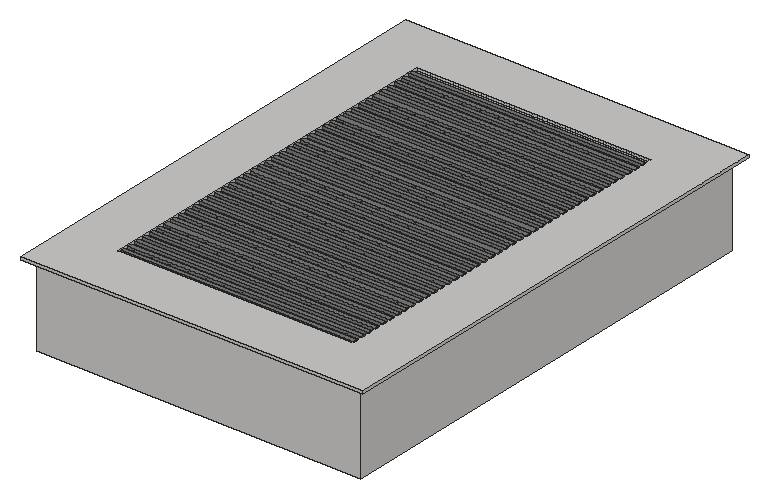
Revit family "VR414610", category Generic Models, Revit 2014
Parameters (values of type "VR414610")
  Width = 380 mm
  URL = "http://www.gaggenau.com."
  Model = "VR414610"
  Manufacturer = "Gaggenau"
  Height = 95 mm
  Grill = Black
  Door Glass = Glass, Green
  Description = "Gaggenau Electric grill, Vario 400 series"
  Depth = 535 mm
Reference planes
  plane 1 "Center (Front/Back)": y = 0
  plane 2: z = 0
  plane 3 "Center (Left/Right)": x = 0
  plane 4: x = -190
  plane 5: x = 190
  plane 6: y = 267.5
  plane 7: y = -267.5
  plane 8: z = 95
  plane 9: z = 92
  plane 10: x = -180
  plane 11: x = 180
  plane 12: y = 257.5
  plane 13: y = -257.5
Forms (mm)
  Extrusion 1, solid, material "Metal Panel"
    sketch origin (0, 0, 0) x (1, 0, 0) y (0, 1, 0)
      loop
        line (-190, 267.5) -> (-190, -267.5) -> (190, -267.5) -> (190, 267.5) -> (-190, 267.5)
      loop
        line (-130, 207.5) -> (-130, -207.5) -> (130, -207.5) -> (130, 207.5) -> (-130, 207.5)
    from 92 to 95
  Extrusion 2, solid, material "Metal Panel"
    sketch origin (0, 0, 0) x (1, 0, 0) y (0, 1, 0)
      loop
        line (-180, 257.5) -> (-180, -257.5) -> (180, -257.5) -> (180, 257.5) -> (-180, 257.5)
      loop
        line (-130, 207.5) -> (-130, -207.5) -> (130, -207.5) -> (130, 207.5) -> (-130, 207.5)
    from 0 to 92
  Extrusion 3, solid, material "Black" <- "Grill"
    sketch origin (0, 0, 0) x (1, 0, 0) y (0, 1, 0)
      loop
        line (-130, 200.278) -> (-130, 195.561) -> (130, 195.561) -> (130, 200.278) -> (-130, 200.278)
      loop
        line (-130, 190.278) -> (-130, 185.561) -> (130, 185.561) -> (130, 190.278) -> (-130, 190.278)
      loop
        line (-130, 180.278) -> (-130, 175.561) -> (130, 175.561) -> (130, 180.278) -> (-130, 180.278)
      loop
        line (-130, 170.278) -> (-130, 165.561) -> (130, 165.561) -> (130, 170.278) -> (-130, 170.278)
      loop
        line (-130, 160.278) -> (-130, 155.561) -> (130, 155.561) -> (130, 160.278) -> (-130, 160.278)
      loop
        line (-130, 150.278) -> (-130, 145.561) -> (130, 145.561) -> (130, 150.278) -> (-130, 150.278)
      loop
        line (-130, 140.278) -> (-130, 135.561) -> (130, 135.561) -> (130, 140.278) -> (-130, 140.278)
      loop
        line (-130, 130.278) -> (-130, 125.561) -> (130, 125.561) -> (130, 130.278) -> (-130, 130.278)
      loop
        line (-130, 120.278) -> (-130, 115.561) -> (130, 115.561) -> (130, 120.278) -> (-130, 120.278)
      loop
        line (-130, 110.278) -> (-130, 105.561) -> (130, 105.561) -> (130, 110.278) -> (-130, 110.278)
      loop
        line (-130, 100.278) -> (-130, 95.561) -> (130, 95.561) -> (130, 100.278) -> (-130, 100.278)
      loop
        line (-130, 90.278) -> (-130, 85.561) -> (130, 85.561) -> (130, 90.278) -> (-130, 90.278)
      loop
        line (-130, 80.278) -> (-130, 75.561) -> (130, 75.561) -> (130, 80.278) -> (-130, 80.278)
      loop
        line (-130, 70.278) -> (-130, 65.561) -> (130, 65.561) -> (130, 70.278) -> (-130, 70.278)
      loop
        line (-130, 60.278) -> (-130, 55.561) -> (130, 55.561) -> (130, 60.278) -> (-130, 60.278)
      loop
        line (-130, 50.278) -> (-130, 45.561) -> (130, 45.561) -> (130, 50.278) -> (-130, 50.278)
      loop
        line (-130, 40.278) -> (-130, 35.561) -> (130, 35.561) -> (130, 40.278) -> (-130, 40.278)
      loop
        line (-130, 30.278) -> (-130, 25.561) -> (130, 25.561) -> (130, 30.278) -> (-130, 30.278)
      loop
        line (-130, 20.278) -> (-130, 15.561) -> (130, 15.561) -> (130, 20.278) -> (-130, 20.278)
      loop
        line (-130, 10.278) -> (-130, 5.561) -> (130, 5.561) -> (130, 10.278) -> (-130, 10.278)
      loop
        line (-130, 0.278) -> (-130, -4.439) -> (130, -4.439) -> (130, 0.278) -> (-130, 0.278)
      loop
        line (-130, -9.722) -> (-130, -14.439) -> (130, -14.439) -> (130, -9.722) -> (-130, -9.722)
      loop
        line (-130, -19.722) -> (-130, -24.439) -> (130, -24.439) -> (130, -19.722) -> (-130, -19.722)
      loop
        line (-130, -29.722) -> (-130, -34.439) -> (130, -34.439) -> (130, -29.722) -> (-130, -29.722)
      loop
        line (-130, -39.722) -> (-130, -44.439) -> (130, -44.439) -> (130, -39.722) -> (-130, -39.722)
      loop
        line (-130, -49.722) -> (-130, -54.439) -> (130, -54.439) -> (130, -49.722) -> (-130, -49.722)
      loop
        line (-130, -59.722) -> (-130, -64.439) -> (130, -64.439) -> (130, -59.722) -> (-130, -59.722)
      loop
        line (-130, -69.722) -> (-130, -74.439) -> (130, -74.439) -> (130, -69.722) -> (-130, -69.722)
      loop
        line (-130, -79.722) -> (-130, -84.439) -> (130, -84.439) -> (130, -79.722) -> (-130, -79.722)
      loop
        line (-130, -89.722) -> (-130, -94.439) -> (130, -94.439) -> (130, -89.722) -> (-130, -89.722)
      loop
        line (-130, -99.722) -> (-130, -104.439) -> (130, -104.439) -> (130, -99.722) -> (-130, -99.722)
      loop
        line (-130, -109.722) -> (-130, -114.439) -> (130, -114.439) -> (130, -109.722) -> (-130, -109.722)
      loop
        line (-130, -119.722) -> (-130, -124.439) -> (130, -124.439) -> (130, -119.722) -> (-130, -119.722)
      loop
        line (-130, -129.722) -> (-130, -134.439) -> (130, -134.439) -> (130, -129.722) -> (-130, -129.722)
      loop
        line (-130, -139.722) -> (-130, -144.439) -> (130, -144.439) -> (130, -139.722) -> (-130, -139.722)
      loop
        line (-130, -149.722) -> (-130, -154.439) -> (130, -154.439) -> (130, -149.722) -> (-130, -149.722)
      loop
        line (-130, -159.722) -> (-130, -164.439) -> (130, -164.439) -> (130, -159.722) -> (-130, -159.722)
      loop
        line (-130, -169.722) -> (-130, -174.439) -> (130, -174.439) -> (130, -169.722) -> (-130, -169.722)
      loop
        line (-130, -179.722) -> (-130, -184.439) -> (130, -184.439) -> (130, -179.722) -> (-130, -179.722)
      loop
        line (-130, -189.722) -> (-130, -194.439) -> (130, -194.439) -> (130, -189.722) -> (-130, -189.722)
      loop
        line (-130, -199.722) -> (-130, -204.439) -> (130, -204.439) -> (130, -199.722) -> (-130, -199.722)
    from 92 to 95
  Extrusion 4, solid, material "Metal Panel"
    sketch origin (0, 0, 0) x (1, 0, 0) y (0, 1, 0)
      loop
        line (-130, 207.5) -> (-130, -207.5) -> (130, -207.5) -> (130, 207.5) -> (-130, 207.5)
    from 0 to 51.831
  Extrusion 5, solid, material "Black" <- "Grill"
    sketch origin (74.439, 70.278, 0) x (0, -1, 0) y (1, 0, 0)
      loop
        line (-130, 52.778) -> (-130, 48.061) -> (277.778, 48.061) -> (277.778, 52.778) -> (-130, 52.778)
      loop
        line (-130, 39.028) -> (-130, 34.311) -> (277.778, 34.311) -> (277.778, 39.028) -> (-130, 39.028)
      loop
        line (-130, 22.778) -> (-130, 18.061) -> (277.778, 18.061) -> (277.778, 22.778) -> (-130, 22.778)
      loop
        line (-130, 2.778) -> (-130, -1.939) -> (277.778, -1.939) -> (277.778, 2.778) -> (-130, 2.778)
      loop
        line (-130, -17.222) -> (-130, -21.939) -> (277.778, -21.939) -> (277.778, -17.222) -> (-130, -17.222)
      loop
        line (-130, -37.222) -> (-130, -41.939) -> (277.778, -41.939) -> (277.778, -37.222) -> (-130, -37.222)
      loop
        line (-130, -57.222) -> (-130, -61.939) -> (277.778, -61.939) -> (277.778, -57.222) -> (-130, -57.222)
      loop
        line (-130, -77.222) -> (-130, -81.939) -> (277.778, -81.939) -> (277.778, -77.222) -> (-130, -77.222)
      loop
        line (-130, -97.222) -> (-130, -101.939) -> (277.778, -101.939) -> (277.778, -97.222) -> (-130, -97.222)
      loop
        line (-130, -117.222) -> (-130, -121.939) -> (277.778, -121.939) -> (277.778, -117.222) -> (-130, -117.222)
      loop
        line (-130, -137.222) -> (-130, -141.939) -> (277.778, -141.939) -> (277.778, -137.222) -> (-130, -137.222)
      loop
        line (-130, -157.222) -> (-130, -161.939) -> (277.778, -161.939) -> (277.778, -157.222) -> (-130, -157.222)
      loop
        line (-130, -177.222) -> (-130, -181.939) -> (277.778, -181.939) -> (277.778, -177.222) -> (-130, -177.222)
      loop
        line (-130, -197.222) -> (-130, -201.939) -> (277.778, -201.939) -> (277.778, -197.222) -> (-130, -197.222)
    from 92 to 87.979
Cuts and joins
  joined: Extrusion 2, Extrusion 4
Dimensions and locks
  equal spacing: plane 4, plane 3 "Center (Left/Right)", plane 5
  equal spacing: plane 6, plane 1 "Center (Front/Back)", plane 7
  "Width": plane 4 to plane 5
  "Depth": plane 6 to plane 7
  "Height": plane 8 to plane 2
  plane 8 to plane 9 = 3 mm
  plane 10 to plane 11 = 360 mm
  plane 12 to plane 13 = 515 mm
  aligned and locked: level to plane 2
Automatic sketch dimensions
  Extrusion 1 sketch curve to plane 4 = 0 mm
  Extrusion 1 sketch curve to plane 5 = 0 mm
  plane 7 to Extrusion 1 sketch curve = 0 mm
  Extrusion 1 sketch curve to plane 6 = 0 mm
  plane 10 to Extrusion 1 sketch curve = 50 mm
  Extrusion 1 sketch curve to plane 11 = 50 mm
  plane 13 to Extrusion 1 sketch curve = 50 mm
  Extrusion 1 sketch curve to plane 12 = 50 mm
  Extrusion 2 sketch curve to plane 10 = 0 mm
  Extrusion 2 sketch curve to plane 11 = 0 mm
  Extrusion 2 sketch curve to plane 13 = 0 mm
  Extrusion 2 sketch curve to plane 12 = 0 mm
  plane 10 to Extrusion 2 sketch curve = 50 mm
  Extrusion 2 sketch curve to plane 11 = 50 mm
  plane 13 to Extrusion 2 sketch curve = 50 mm
  Extrusion 2 sketch curve to plane 12 = 50 mm
  plane 10 to Extrusion 3 sketch curve = 50 mm  (x2)
  Extrusion 3 sketch curve to Extrusion 3 sketch curve = 0 mm  (x79)
  plane 1 "Center (Front/Back)" to Extrusion 3 sketch curve = 4.439 mm
  Extrusion 3 sketch curve to plane 11 = 50 mm
  Extrusion 3 sketch curve to Extrusion 3 sketch curve = 5.282 mm  (x40)
  Extrusion 3 sketch curve to Extrusion 3 sketch curve = 4.718 mm  (x40)
  Extrusion 3 sketch curve to plane 1 "Center (Front/Back)" = 0.278 mm
  plane 10 to Extrusion 4 sketch curve = 50 mm
  Extrusion 4 sketch curve to plane 11 = 50 mm
  plane 13 to Extrusion 4 sketch curve = 50 mm
  Extrusion 4 sketch curve to plane 12 = 50 mm
  Extrusion 5 sketch curve to plane 11 = 302.782 mm
  Extrusion 5 sketch curve to plane 1 "Center (Front/Back)" = 200.278 mm
  plane 5 to Extrusion 5 sketch curve = 257.5 mm
  Extrusion 5 sketch curve to Extrusion 5 sketch curve = 0 mm  (x25)
  plane 13 to Extrusion 5 sketch curve = 50 mm
  plane 5 to Extrusion 5 sketch curve = 252.782 mm
  Extrusion 5 sketch curve to Extrusion 5 sketch curve = 4.718 mm  (x13)
  Extrusion 5 sketch curve to Extrusion 5 sketch curve = 9.032 mm
  Extrusion 5 sketch curve to plane 12 = 57.222 mm
  Extrusion 5 sketch curve to Extrusion 5 sketch curve = 15.282 mm  (x8)
  Extrusion 5 sketch curve to plane 3 "Center (Left/Right)" = 7.5 mm
  plane 3 "Center (Left/Right)" to Extrusion 5 sketch curve = 12.5 mm
  Extrusion 5 sketch curve to Extrusion 5 sketch curve = 11.532 mm
